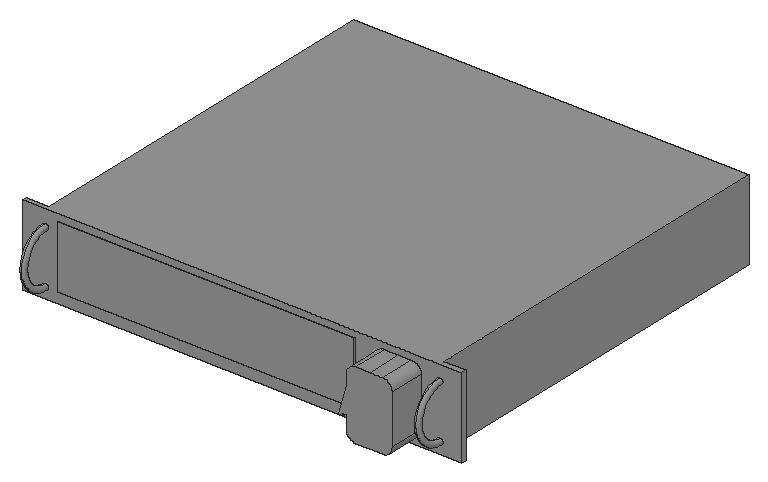
Revit family "БДС", category Устройства вызова и оповещения, Revit 2017
Family settings
  Сохранять ориентацию аннотаций = Нет
  Размер круглого соединителя = Использовать диаметр
  Тип детали = Нормальный
  На основе рабочей плоскости = Нет
  Всегда вертикально = Да
  При загрузке вырезать с полостями = Нет
  Общий = Нет
  Точка расчета площади = Нет
Parameters
  Номинальная мощность усилителя звуковой частоты в выносной переговорной панели [instance] = "0,5 Вт"  # constant formula
  Разработано = "support@bimlib.pro"  # constant formula
  Температура воздуха, рабочая [instance] = "5 до +45°С"  # constant formula
  Описание = "Блок диспетчерской связи БДС на тридцать абонентов, предназначен для обеспечения двухсторонней цифровой дуплексной связи зон пожарного оповещения с помещением пожарного поста или диспетчерской. Конструктивно БДС выполнен в виде функционально законченного блока, рассчитанного на установку в стойку 19” или на стол."  # constant formula
  Мощность = 45 W
  Минимальное время работы от встроенного резервного источника питания при 60-ти подключенных выносных панелей [instance] = "5 час"  # constant formula
  Максимальное количество подключаемых выносных переговорных панелей на одну зону [instance] = "2 Шт."  # constant formula
  Максимальное количество подключаемых выносных переговорных панелей [instance] = "60"  # constant formula
  Контроль исправности линии связи [instance] = "Да"  # constant formula
  Количество подключаемых линий связи [instance] = "7 Шт."  # constant formula
  Напряжение питания [instance] = 220 V
  Материал корпуса = Сталь, порошковая
  Количество зон связи [instance] = "30 Шт."  # constant formula
  Manufacturer = "СОУЭ 'Речор' "  # constant formula
  Ширина = 490 mm  # constant formula
  Глубина = 430 mm  # constant formula
  Высота = 90 mm  # constant formula
  URL = "http://rechor.ru/rechor-grand"
  ADSK_Примечание [instance] = ""
  ADSK_Позиция [instance] = ""
  Обозначение [instance] = "ГОСТ Р 51350 (МЭК 61010-1-90)"  # constant formula
  Наименование [instance] = "Блок диспетчерской связи 'РЕЧОР БДС'"  # constant formula
  ADSK_Масса_Текст [instance] = "10 кг"  # constant formula
  ADSK_Завод-изготовитель [instance] = Manufacturer  # "СОУЭ 'Речор' "
Reference planes
  plane 1 "По центру (Вперед/Назад)": y = 0
  plane 2: z = 0
  plane 3 "По центру (Влево/Вправо)": x = 0
  plane 4: y = 215
  plane 5: y = -215
  plane 6: x = 245
  plane 7: x = -245
  plane 8: z = 90
  plane 9: y = -210
Forms (mm)
  Extrusion 1, solid, material "Сталь, порошковая" <- "Материал корпуса"
    sketch origin (0, 0, 0) x (1, 0, 0) y (0, 1, 0)
      loop
        line (-220, 215) -> (-220, -210) -> (220, -210) -> (220, 215) -> (-220, 215)
    from 0 to 90
  Extrusion 2, solid, material "Сталь, порошковая" <- "Материал корпуса"
    sketch origin (0, 0, 0) x (1, 0, 0) y (0, 1, 0)
      loop
        line (-245, -215) -> (245, -215) -> (245, -210) -> (-245, -210) -> (-245, -215)
    from 0 to 90
  Sweep 3, solid, material "Сталь, порошковая" <- "Материал корпуса"
    path origin (-220, 0, 0) x (0, 1, 0) y (0, 0, 1)
      loop
        line (-210, 72.41) -> (-215, 72.41)
        arc (-215, 72.41) -> (-245, 42.41) -> (-215, 12.41) r 30
        line (-215, 12.41) -> (-210, 12.41)
    profile origin (-220, -212.5, 72.41) x (0, 0, -1) y (1, 0, 0)
      loop
        circle (0, 0) r 3.039
  Sweep 4, solid, material "Сталь, порошковая" <- "Материал корпуса"
    path origin (220, 0, 0) x (0, 1, 0) y (0, 0, -1)
      loop
        line (-210, -72.41) -> (-215, -72.41)
        arc (-215, -72.41) -> (-245, -42.41) -> (-215, -12.41) r 30
        line (-215, -12.41) -> (-210, -12.41)
    profile origin (220, -212.5, 72.41) x (0, 0, 1) y (-1, 0, 0)
      loop
        circle (0, 0) r 3.039
  Extrusion 5, solid, material "Фенолоформальдегидная смола"
    sketch origin (-6.158, -230, 0) x (-1, 0, 0) y (0, 0, 1)
      loop
        line (199.145, 82.887) -> (-130.855, 82.887) -> (-130.855, 12.887) -> (199.145, 12.887) -> (199.145, 82.887)
    from 14 to 15
  Extrusion 6, solid, material "СВМПЭ, черный"
    sketch origin (-6.158, -230, 0) x (-1, 0, 0) y (0, 0, 1)
      loop
        arc (-154.09, 71.94) -> (-157.197, 79.44) -> (-164.697, 82.547) r 10.607
        line (-164.697, 82.547) -> (-179.697, 82.547) -> (-194.697, 82.547)
        arc (-194.697, 82.547) -> (-202.197, 79.44) -> (-205.303, 71.94) r 10.607
        line (-205.303, 71.94) -> (-205.303, 16.94)
        arc (-205.303, 16.94) -> (-202.197, 9.44) -> (-194.697, 6.334) r 10.607
        line (-194.697, 6.334) -> (-179.697, 6.334) -> (-164.697, 6.334)
        arc (-164.697, 6.334) -> (-157.197, 9.44) -> (-154.09, 16.94) r 10.607
        line (-154.09, 16.94) -> (-154.09, 31.195) -> (-149.963, 31.195) -> (-149.963, 28.708) -> (-144.963, 28.708) -> (-154.09, 60.539) -> (-154.09, 71.94)
    from -25 to 15
Cuts and joins
  joined: Extrusion 1, Extrusion 2, Sweep 3, Sweep 4
Dimensions and locks
  equal spacing: plane 7, plane 3 "По центру (Влево/Вправо)", plane 6
  "Ширина": plane 7 to plane 6
  equal spacing: plane 4, plane 1 "По центру (Вперед/Назад)", plane 5
  "Глубина": plane 4 to plane 5
  "Высота": plane 8 to plane 2
  equal spacing: Extrusion 1, plane 3 "По центру (Влево/Вправо)", Extrusion 1
  aligned and locked: level to plane 2
  aligned and locked: Extrusion 1 sketch curve to plane 4
  aligned and locked: Extrusion 2 sketch curve to plane 5
  aligned and locked: plane 7 to Extrusion 2 sketch curve
  aligned and locked: Extrusion 2 sketch curve to plane 9
  aligned and locked: Extrusion 2 sketch curve to plane 6
  aligned and locked: plane 9 to Extrusion 1
  aligned and locked: Extrusion 2 to level
  aligned and locked: Extrusion 2 to Extrusion 1
Automatic sketch dimensions
  plane 9 to Extrusion 1 sketch curve = 0 mm
  plane 7 to Extrusion 1 sketch curve = 25 mm
  Extrusion 1 sketch curve to plane 6 = 25 mm
  Sweep 3 sketch curve to plane 5 = 0 mm
  Sweep 3 sketch curve to plane 9 = 0 mm  (x2)
  level to Sweep 3 sketch curve = 12.41 mm
  Sweep 3 sketch curve to Sweep 3 sketch curve = 30 mm
  Sweep 3 sketch curve to profile plane = 0 mm  (x2)
  Sweep 4 sketch curve to plane 5 = 0 mm
  Sweep 4 sketch curve to plane 9 = 0 mm  (x2)
  Sweep 4 sketch curve to plane 8 = 17.59 mm
  Sweep 4 sketch curve to Sweep 4 sketch curve = 30 mm
  Sweep 4 sketch curve to profile plane = 0 mm
  profile plane to Sweep 4 sketch curve = 0 mm
  Extrusion 5 sketch curve to plane 8 = 7.113 mm
  Extrusion 5 sketch curve to plane 6 = 120.303 mm
  level to Extrusion 5 sketch curve = 12.887 mm
  plane 7 to Extrusion 5 sketch curve = 39.697 mm
  Extrusion 6 sketch curve to plane 8 = 18.06 mm
  Extrusion 6 sketch curve to plane 6 = 45.855 mm
  Extrusion 6 sketch curve to plane 8 = 7.453 mm
  Extrusion 6 sketch curve to Extrusion 6 sketch curve = 10.607 mm  (x3)
  Extrusion 6 sketch curve to Extrusion 6 sketch curve = 15 mm  (x4)
  level to Extrusion 6 sketch curve = 6.334 mm
  Extrusion 6 sketch curve to Extrusion 6 sketch curve = 4.127 mm
  level to Extrusion 6 sketch curve = 28.708 mm
  Extrusion 6 sketch curve to Extrusion 6 sketch curve = 5 mm
  Extrusion 6 sketch curve to Extrusion 6 sketch curve = 2.487 mm
  Extrusion 6 sketch curve to Extrusion 6 sketch curve = 11.401 mm
  radius of Sweep 3 sketch curve = 3.039 mm
  radius of Sweep 4 sketch curve = 3.039 mm
Nested families
  nested 1: "аннотации" at (0, 32.5, 0), type "аннотации"
Connectors
  electrical at (220, 215, 15.449)
    settings: on Extrusion 1, index 4, voltage 0 V, apparent load 0 VA, apparent load phase1 0 VA, apparent load phase2 0 VA, apparent load phase3 0 VA, power factor 1, load classification "Прочее", number of poles 1, system type 9, power factor state 1, is connector primary yes, connector utility no, sub classification motor no, connector description ""
  electrical at (-220, 215, 35), driven by "Напряжение питания", driven by "Мощность"
    settings: on Extrusion 1, index 5, voltage 220 V, apparent load 0 VA, apparent load phase1 45 VA, apparent load phase2 0 VA, apparent load phase3 0 VA, power factor 1, load classification "Прочее", number of poles 1, system type 31, power factor state 1, is connector primary no, connector utility no, sub classification motor no, connector description ""
  electrical at (205, 215, 15.449)
    settings: on Extrusion 1, index 6, voltage 0 V, apparent load 0 VA, apparent load phase1 0 VA, apparent load phase2 0 VA, apparent load phase3 0 VA, power factor 1, load classification "Прочее", number of poles 1, system type 9, power factor state 1, is connector primary no, connector utility no, sub classification motor no, connector description ""
  electrical at (190, 215, 15.449)
    settings: on Extrusion 1, index 7, voltage 0 V, apparent load 0 VA, apparent load phase1 0 VA, apparent load phase2 0 VA, apparent load phase3 0 VA, power factor 1, load classification "Прочее", number of poles 1, system type 9, power factor state 1, is connector primary no, connector utility no, sub classification motor no, connector description ""
  electrical at (175, 215, 15.449)
    settings: on Extrusion 1, index 8, voltage 0 V, apparent load 0 VA, apparent load phase1 0 VA, apparent load phase2 0 VA, apparent load phase3 0 VA, power factor 1, load classification "Прочее", number of poles 1, system type 9, power factor state 1, is connector primary no, connector utility no, sub classification motor no, connector description ""
  electrical at (160, 215, 15.449)
    settings: on Extrusion 1, index 9, voltage 0 V, apparent load 0 VA, apparent load phase1 0 VA, apparent load phase2 0 VA, apparent load phase3 0 VA, power factor 1, load classification "Прочее", number of poles 1, system type 9, power factor state 1, is connector primary no, connector utility no, sub classification motor no, connector description ""
  electrical at (145, 215, 15.449)
    settings: on Extrusion 1, index 10, voltage 0 V, apparent load 0 VA, apparent load phase1 0 VA, apparent load phase2 0 VA, apparent load phase3 0 VA, power factor 1, load classification "Прочее", number of poles 1, system type 9, power factor state 1, is connector primary no, connector utility no, sub classification motor no, connector description ""
  electrical at (130, 215, 15.449)
    settings: on Extrusion 1, index 11, voltage 0 V, apparent load 0 VA, apparent load phase1 0 VA, apparent load phase2 0 VA, apparent load phase3 0 VA, power factor 1, load classification "Прочее", number of poles 1, system type 9, power factor state 1, is connector primary no, connector utility no, sub classification motor no, connector description ""
  electrical at (-150, 215, 25)
    settings: on Extrusion 1, index 12, voltage 0 V, apparent load 0 VA, apparent load phase1 0 VA, apparent load phase2 0 VA, apparent load phase3 0 VA, power factor 1, load classification "Прочее", number of poles 1, system type 10, power factor state 1, is connector primary no, connector utility no, sub classification motor no, connector description ""
Definition of nested family "аннотации"
  Reference planes
    plane 1: y = 0
    plane 2: x = 0
  Lines and regions (mm)
    detail lines
      curve 1: line (-245, 279.186, 0) -> (245, 279.186, 0)
      curve 2: line (-245, -279.186, 0) -> (-245, 279.186, 0)
      curve 3: line (245, -279.186, 0) -> (-245, -279.186, 0)
      curve 4: line (245, 279.186, 0) -> (245, -279.186, 0)
      curve 5: line (-245, 279.186, 0) -> (245, -279.186, 0)
  Dimensions and locks
    curve 3 to curve 1 = 558.372 mm
    curve 2 to curve 4 = 490 mm
    equal spacing: curve 2, plane 2, curve 4
    equal spacing: curve 3, plane 1, curve 1
    curve 4 to plane 2 = 245 mm
    plane 1 to curve 1 = 279.186 mm
